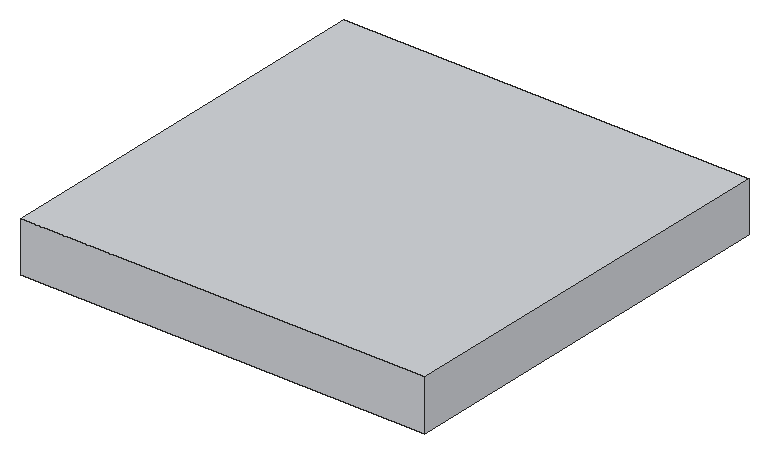
Revit family "00-4962-14-00", category Luminarias, Revit 2017
Family settings
  Anfitrión = Cara
  Cota de conector redondo = Diámetro de uso
  Tipo de pieza = Normal
  Número OmniClass = 23.80.70.00
  Título OmniClass = Lighting
  Corte con vacíos al cargar = No
  Origen de luz = No
  Compartido = Sí
  Punto de cálculo de habitación = No
Parameters (values of type "00-4962-14-00")
  Versión = "v1"
  Vatios (W) = 0
  Tipo de regulación = ""
  Tipo = "Colgante"
  Tender text (English) = "LEDS C4\nPek B\n00-4962-14-00\n\nHanging light for indoor use. \n\nFor downlighting. Maximum visual comfort. Structure material: Aluminium. Structure finish: White. Warranty: 5 Years.\n\nProduct net weight (Kg): 1.220\nProduct width or diameter (mm): 320\nProduct height (mm): Min 400 - Max 2800\n\nIP: IP20. No. of lampholders or LEDs: 1."
  Tender text (Castellano) = "LEDS C4\nPek B\n00-4962-14-00\n\nLuminaria suspendida de uso interior para iluminar hacia abajo. \n\nÓptimo confort visual. Material estructura: Aluminio. Acabado estructura: Blanco. Garantía: 5 Años.\n\nPeso neto del producto (Kg): 1.220\nAnchura o diámetro del producto (mm): 320\nAltura del producto (mm): Min 400 - Max 2800\n\nIP: IP20. Nº de portalámparas o Leds: 1."
  Temperatura color led (K) = ""
  Referencia = "00-4962-14-00"
  Rayo de luz = ""
  Producto descatalogado = "Catalogado ES"
  Pluma comercial = "http://files.leds-c4.com/pl/00-4962-14-00.html"
  Peso neto (KG) = 1.22
  Material = "Aluminio"
  Lumenes reales (lm) = 0
  LDT = "http://files.leds-c4.com/ldt/00-4962-14-00.html"
  Imagen web = "http://files.leds-c4.com/main-photo/00-4962-14-00"
  IfcExportType = "NOTDEFINED"
  IfcExportAs = "IfcLightFixture\r\nIfcLightFixture"
  IP = "IP20"
  IMC = "http://files.leds-c4.com/imc/00-4962-14-00.html"
  IK = ""
  Fuente de luz = ""
  Fotometría = "http://files.leds-c4.com/fm/00-4962-14-00.html"
  Ficha = "http://files.leds-c4.com/ft/es/00-4962-14-00.html"
  FechaVersion = "Julio 2020"
  Familia = "Pek B"
  Fabricante = "LEDS C4"
  Etiqueta V/f = "100-240V/50-60Hz"
  Elevación por defecto = 1000 mm
  Eficiencia energética = "NO BULB"
  EAN13 = "8435381427467"
  DescripcionUniformat2010 = "Lighting"
  DescripcionUniclass2015 = "Lighting"
  DescripcionOmniclass = "Lighting"
  DescripcionGubimclass = "Iluminación interior"
  CodigoUniformat2010 = "D5040"
  CodigoUniclass2015 = "EF_70_80"
  CodigoOmniclass = "21-04 50 40"
  CodigoGubimclass = "50.60.50.20"
  Catálogo = "Technical"
  Carga aparente = 0 VA
  CRI = 0
  Acabado = "Blanco"
Values of the unnamed type that differ from the named types
  Tipo = ""
  Tender text (English) = ""
  Tender text (Castellano) = ""
  Referencia = ""
  Producto descatalogado = ""
  Pluma comercial = ""
  Peso neto (KG) = 0
  Material = ""
  LDT = ""
  Imagen web = ""
  IP = ""
  IMC = ""
  Fotometría = ""
  Ficha = ""
  Familia = ""
  Etiqueta V/f = ""
  Eficiencia energética = ""
  EAN13 = ""
  Catálogo = ""
  Acabado = ""
Reference planes
  plane 1 "Centro (Frontal/Posterior)": y = 0
  plane 2: z = 0
  plane 3 "Centro (Izquierda/Derecha)": x = 0
  plane 4 "Elevación de origen de luz": z = 0
  plane 5 "Eje de origen de luz (F/P)": y = 0
  plane 6 "Eje de origen de luz (I/D)": x = 0
Forms (mm)
  Extrusion 1, solid
    sketch origin (0, 0, 0) x (1, 0, 0) y (0, 1, 0)
      loop
        line (-1219.2, 1219.2) -> (-1219.2, -1219.2) -> (1219.2, -1219.2) -> (1219.2, 1219.2) -> (-1219.2, 1219.2)
    from 0 to -304.8
Dimensions and locks
  aligned and locked: plane 2 to Extrusion 1
  aligned and locked: level to Extrusion 1
Nested families
  nested 1: "Luz anidada" at (0, 0, 785.105), type "Tipo1"
Connectors
  electrical at (0, 0, 0)
    settings: on Extrusion 1, index 1, voltage 0 V, apparent load 0 VA, apparent load phase1 0 VA, apparent load phase2 0 VA, apparent load phase3 0 VA, power factor 1, load classification "Otro", number of poles 1, system type 31, power factor state 1, is connector primary yes, connector utility no, sub classification motor no, connector description ""
Definition of nested family "Luz anidada"
  Parameters (values of type "Tipo1")
    Tilt Angle = 90.00°
    Wattage = 18.6 W
    Tipo de regulación = ""
    Tipo = ""
    Tender text = ""
    built-in parameter 1150110 = 1 (stored number, unit not read)
    Pluma comercial = ""
    Material = ""
    Imagen = ""
    IP = ""
    IMC = ""
    IK = ""
    Fotometría = ""
    Ficha = ""
    Familia = ""
    Estado en catálogo = ""
    Peso neto = ""
    Lamp = ""
    built-in parameter 1114217 = 1 (stored number, unit not read)
    built-in parameter 1150109 = 1 (stored number, unit not read)
    Etiqueta vf = ""
    Eficiencia energética = ""
    EAN13 = ""
    built-in parameter 1150134 = (empty or 0)
    built-in parameter 1150113 = 1 (stored number, unit not read)
    Lumens = 2391 lm
    built-in parameter 1150115 = 1 (stored number, unit not read)
    built-in parameter 1150105 = 109.82 (stored number, unit not read)
    built-in parameter 1150137 = (empty or 0)
    built-in parameter 1150139 = (empty or 0)
    built-in parameter 1150112 = 1 (stored number, unit not read)
    built-in parameter 1150114 = 1 (stored number, unit not read)
    built-in parameter 1150132 = (empty or 0)
    built-in parameter 1150102 = (empty or 0)
    built-in parameter 1150138 = (empty or 0)
    built-in parameter 1150107 = 3000 (stored number, unit not read)
    built-in parameter 1150106 = 1.0982 (stored number, unit not read)
    built-in parameter 1150104 = 2.5773 (stored number, unit not read)
    Catálogo = ""
    Dimming Lamp Color Temperature Shift = (empty or 0)
    Color Filter = 16777215
    built-in parameter 1114218 = 1 (stored number, unit not read)
    CRI = 0
    Photometric Web File = "00-4962-14-00.ies"
    Acabado = ""
    built-in parameter 1150133 = 10 (stored number, unit not read)
  Reference planes
    plane 1 "Eje de origen de luz (F/P)": y = 0
    plane 2: z = 0
    plane 3 "Eje de origen de luz (I/D)": x = 0
    plane 4 "Elevación de origen de luz": z = 0
  Dimensions and locks
    aligned and locked: plane 3 "Eje de origen de luz (I/D)" to imposter light
    aligned and locked: plane 1 "Eje de origen de luz (F/P)" to imposter light
    aligned and locked: plane 4 "Elevación de origen de luz" to imposter light
    aligned and locked: level to plane 2
